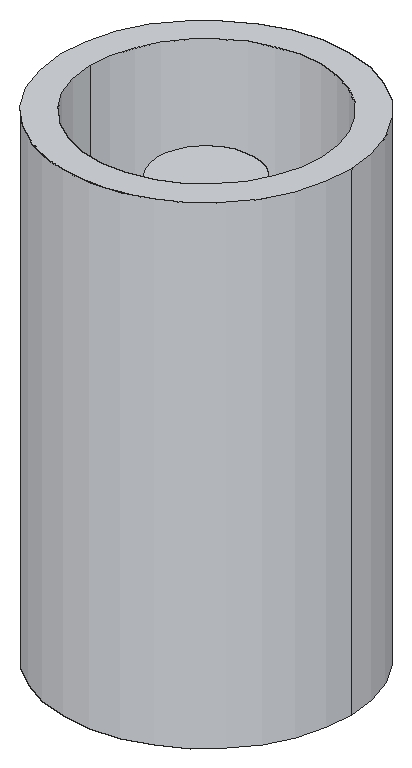
Revit family "Anschlussadapter für Rohrschellen", category HLS-Bauteile, Revit 2017
Family settings
  Bemaßung runder Anschluss = Durchmesser verwenden
  Teiletyp = Normal
  Arbeitsebenenbasiert = Ja
  Immer vertikal = Nein
  Beim Laden mit Abzugskörper schneiden = Nein
  Gemeinsam genutzt = Ja
  Raumberechnungspunkt = Nein
Parameters (values of type "Für Maxima PSM, Omnia MB Ø132-168 und Trabant Ø121-168 (M16)")
  vpe = "1 St"
  d1 = 14 mm
  Default Elevation = 1219.2 mm
  Oberflaeche = "galvanisch verzinkt"
  Mengeneinheit = "St"
  Material = "Stahl"
  Länge = 42 mm
  LG = 37 mm
  L2 = 15 mm
  L1 = 21 mm
  Kurztext2 = "Innengew. M16 auf Anschluss M10/M12"
  Kurztext1 = "Anschlussadapter rund"
  Gewicht pro Bauteil = Gewicht  # 0.1005 kg
  Gewicht = 0.1005 kg
  Firma = "MEFA Befestigungs- und Montagesysteme GmbH"
  Fabrikat = "MEFA"
  EAN = "4250928420848"
  D0 = 20 mm
  D = 25 mm
  Artikelnummer = "0830202"
Types (4, lengths in mm): name | d1 | Länge | LG | L1 | Kurztext2 | Gewicht pro Bauteil | Gewicht | EAN | Artikelnummer
  (no name) | 14 | 42 | 37 | 21 | "Innengew. M16 auf Anschluss M10/M12" | 0.1005 kg | 0.1005 kg | "4250928420848" | "0830202"
  Für Trabant und Omnia mit Anschluss M8/M10 (Muffe1/2") | 12.7 | 36 | 31 | 15 | "Innengew. 1/2'' auf Anschluss M8/M10" | 0.0846 kg | 0.0846 kg | "4250928420862" | "0830209"
  Für Maxima PSM, Omnia MB Ø132-168 und Trabant Ø121-168 (Muffe1/2") | 12.7 | 42 | 37 | 21 | "Innengew. 1/2'' auf Anschluss M10/M12" | 0.0856 kg | 0.0856 kg | "4250928420855" | "0830204"
  Für Maxima PSM, Omnia MB Ø132-168 und Trabant Ø121-168 (M16) | 14 | 42 | 37 | 21 | "Innengew. M16 auf Anschluss M10/M12" | 0.1005 kg | 0.1005 kg | "4250928420848" | "0830202"
Reference planes
  plane 1 "Mitte (Vorne/hinten)": y = 0
  plane 2: z = 0
  plane 3 "Mitte (Links/rechts)": x = 0
  plane 4: z = 42
  plane 5: z = 21
  plane 6: z = 37
Forms (mm)
  Extrusion 1, solid
    sketch origin (0, 0, 0) x (1, 0, 0) y (0, 1, 0)
      loop
        circle (0, 0) r 12.5
    from 0 to 42
  Extrusion 2, void
    sketch origin (0, 0, 0) x (1, 0, 0) y (0, 1, 0)
      loop
        circle (0, 0) r 10
    from 21 to 42
  Extrusion 3, void
    sketch origin (0, 0, 0) x (1, 0, 0) y (0, 1, 0)
      loop
        circle (0, 0) r 7
    from 0 to 15
  Extrusion 4, solid
    sketch origin (0, 0, 0) x (1, 0, 0) y (0, 1, 0)
      loop
        circle (0, 0) r 4.175
    from 15 to 37
Cuts and joins
  Extrusion 2, Extrusion 3 cuts Extrusion 1
Lines and regions (mm)
  model lines, not visible
    curve 1: line (9.299, 0, 42) -> (-10.701, 0, 42)
    curve 2: line (0, 15.717, 42) -> (0, -4.283, 42)
    curve 3: line (0, 10.717, 0) -> (0, -9.283, 0)
    curve 4: line (6.799, 0, 0) -> (-13.201, 0, 0)
    curve 5: line (0, 0, 57) -> (0, 0, -10)
Dimensions and locks
  "Länge": level to plane 4
  "L1": plane 5 to plane 4
  "LG": level to plane 6
  "D": diameter of Extrusion 1 sketch curve
  "D0": diameter of Extrusion 2 sketch curve
  "d1": diameter of Extrusion 3 sketch curve
  aligned and locked: level to plane 2
  aligned and locked: Extrusion 1 to level
  aligned and locked: plane 4 to Extrusion 1
  aligned and locked: curve 2 to plane 4
  aligned and locked: curve 3 to level
  aligned and locked: Extrusion 1 to Extrusion 2
  aligned and locked: plane 4 to cut or joined group of Extrusion 1, Extrusion 2, Extrusion 3  (x2)
  aligned and locked: Extrusion 2 to plane 5
  aligned and locked: cut or joined group of Extrusion 1, Extrusion 2, Extrusion 3 to level
  aligned and locked: cut or joined group of Extrusion 1, Extrusion 2, Extrusion 3 to plane 5
  aligned and locked: Extrusion 4 to plane 6
Automatic sketch dimensions
  plane 1 "Mitte (Vorne/hinten)" to curve 2 = 4.283 mm
  plane 1 "Mitte (Vorne/hinten)" to curve 3 = 9.283 mm
  curve 3 to plane 1 "Mitte (Vorne/hinten)" = 10.717 mm
  curve 2 to plane 1 "Mitte (Vorne/hinten)" = 15.717 mm
  curve 1 to plane 3 "Mitte (Links/rechts)" = 10.701 mm
  curve 4 to plane 3 "Mitte (Links/rechts)" = 13.201 mm
  plane 3 "Mitte (Links/rechts)" to curve 4 = 6.799 mm
  plane 3 "Mitte (Links/rechts)" to curve 1 = 9.299 mm
  curve 5 to level = 10 mm
  plane 4 to curve 5 = 15 mm
  curve 4 to level = 0 mm
  curve 5 to plane 3 "Mitte (Links/rechts)" = 0 mm
  curve 1 to plane 4 = 0 mm
  plane 1 "Mitte (Vorne/hinten)" to Extrusion 4 sketch curve = 0 mm
  Extrusion 4 sketch curve to plane 3 "Mitte (Links/rechts)" = 0 mm
  plane 1 "Mitte (Vorne/hinten)" to Extrusion 1 sketch curve = 0 mm
  Extrusion 1 sketch curve to plane 3 "Mitte (Links/rechts)" = 0 mm
  plane 1 "Mitte (Vorne/hinten)" to Extrusion 2 sketch curve = 0 mm
  Extrusion 2 sketch curve to plane 3 "Mitte (Links/rechts)" = 0 mm
  plane 1 "Mitte (Vorne/hinten)" to Extrusion 3 sketch curve = 0 mm
  Extrusion 3 sketch curve to plane 3 "Mitte (Links/rechts)" = 0 mm
  radius of Extrusion 4 sketch curve = 4.175 mm
